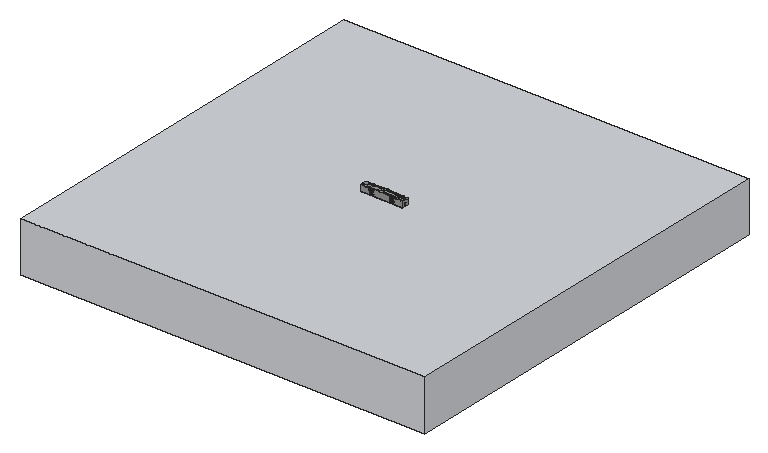
Revit family "Hekatron_Feststellanlagen_RSZ Kompakt Set ws_DE_22.01", category Brandmelder, Revit 2018
Family settings
  Basisbauteil = Fläche
  Beschriftungsausrichtung beibehalten = Ja
  Bemaßung runder Anschluss = Durchmesser verwenden
  Teiletyp = Normal
  OmniClass-Nummer = 23.85.30.21
  OmniClass-Titel = Environmental Detection/Registration
  Beim Laden mit Abzugskörper schneiden = Nein
  Gemeinsam genutzt = Nein
  Raumberechnungspunkt = Nein
Parameters (values of type "RSZ Compact Set ws")
  Zulässige Umgebungstemperatur = "-20 °C bis +45 °C"
  Zulässige Luftgeschwindigkeit = ""
  Zulassungen nach EN 54 = ""
  Width [instance] = 36 mm
  Version des BIM Objektes = "22.01"
  VdS-Anerkennung = ""
  URL = "https://www.hekatron-brandschutz.de"
  UB A&S Artikel Nummer = "31-5300001-01-01"
  Typenkommentare = "Rauchschalter-Zentrale Kompakt Set weiß"
  Tiefe (mm) = "36.0"
  Stromaufnahme = ""
  Schutzart = "IP 40"
  Rauchteil einstellbar = ""
  Nettogewicht (g) = ""
  Montageart = "Wand- oder Sturzmontage"
  Modell = "RSZ Kompakt Set ws"
  Material = "PC"
  Link zum Datenblatt = "https://www.hekatron-planungstools.de/doku/_14108382.pdf"
  Link zu ausschreiben.de = "http://www.ausschreiben.de/katalog/Hekatron/position/56"
  Link zu Produktinformation = "https://www.hekatron-planungstools.de/Produktinfo/RSZ_Kompakt_Set_ws.PDF"
  Link zu Ausschreibungstext = "https://www.meinhplus.de/login"
  Leistungserklärung (DoP) = ""
  Lautstärke DIN-Ton (dB) = ""
  Kabeleinführung = "hinten, seitlich"
  Höhe (mm) = "46.0"
  Hersteller = "Hekatron"
  Heigth [instance] = 250 mm
  Funktionsprinzip = ""
  Farbe = "weiß, ähnlich RAL 9016"
  Ex-Zonen = ""
  Einstellung Temperaturklasse nach EN 54-5 = ""
  Einstellung Temperaturindex nach EN 54-5 = ""
  Einstellung Rauchempfindlichkeit nach EN 54-20 = ""
  Einstellen Rauchempfindlichkeit nach EN 54-7 = ""
  EG-Konformitätszertifikat / Zertifikat der Leistungsbeständigkeit = ""
  Durchmesser (mm) = ""
  Depth [instance] = 49.488 mm
  Vorgabe-Ansicht = 1200 mm
  Breite (mm) = "250.0"
  Betriebsspannung = "230 V AC"
  Beschreibung = "Die RSZ Kompakt ist eine Rauchschaltzentrale in kompakter Bauform mit integriertem Sturzrauchschalter für den Einsatz an Brand- und Rauchschutztüren. Durch die kompakte Bauform und ihr variables Design ist sie speziell für die Kombination mit Türschließern mit integrierter Feststellung geeignet. Die RSZ Kompakt kann direkt auf dem Türrahmen neben- oder gegenüber dem Türschließer montiert werden. Zum Einsatz kommt sie in Feststellanlagen in den verschiedenen Anwendungen in Industrie- und Verwaltungsgebäuden."
  Bauartgenehmigungen = "Z-6.500-2393"
  Anzahl Ansaugleitungen = ""
  Ansprechtemperatur = ""
  Alarm- & Empfindlichkeitsbereich = ""
Types (2, lengths in mm): name | URL | Typenkommentare | Modell | Beschreibung
  (no name) | "www.hekatron-brandschutz.de" | 0 | "RSZ Compact Set ws" | 0
  RSZ Compact Set ws | "https://www.hekatron-brandschutz.de" | "Rauchschalter-Zentrale Kompakt Set weiß" | "RSZ Kompakt Set ws" | "Die RSZ Kompakt ist eine Rauchschaltzentrale in kompakter Bauform mit integriertem Sturzrauchschalter für den Einsatz an Brand- und Rauchschutztüren. Durch die kompakte Bauform und ihr variables Design ist sie speziell für die Kombination mit Türschließern mit integrierter Feststellung geeignet. Die RSZ Kompakt kann direkt auf dem Türrahmen neben- oder gegenüber dem Türschließer montiert werden. Zum Einsatz kommt sie in Feststellanlagen in den verschiedenen Anwendungen in Industrie- und Verwaltungsgebäuden."
Values of the unnamed type that differ from the named types
  Zulässige Umgebungstemperatur = ""
  Version des BIM Objektes = ""
  UB A&S Artikel Nummer = ""
  Tiefe (mm) = ""
  Schutzart = ""
  Montageart = ""
  Material = ""
  Link zum Datenblatt = ""
  Link zu ausschreiben.de = ""
  Link zu Produktinformation = ""
  Link zu Ausschreibungstext = ""
  Kabeleinführung = ""
  Höhe (mm) = ""
  Farbe = ""
  Breite (mm) = ""
  Betriebsspannung = ""
  Bauartgenehmigungen = ""
Reference planes
  plane 1 "Center (Front/Back)": y = 0
  plane 2: z = 0
  plane 3 "Center (Left/Right)": x = 0
Forms (mm)
  Extrusion 1, solid
    sketch origin (0, 0, 0) x (1, 0, 0) y (0, 1, 0)
      loop
        line (-1219.2, 1219.2) -> (-1219.2, -1219.2) -> (1219.2, -1219.2) -> (1219.2, 1219.2) -> (-1219.2, 1219.2)
    from 0 to -304.8
  Blend 2, solid, material "PC/ABS Plastic, RAL 9016"
    base sketch origin (4.543, 146.851, 0) x (1, 0, 0) y (0, 1, 0)
      loop
        line (-127.243, -131.301) -> (-127.243, -162.401) -> (118.157, -162.401) -> (118.157, -131.301) -> (-127.243, -131.301)
    top sketch origin (4.543, 146.851, 0) x (1, 0, 0) y (0, 1, 0)
      loop
        line (-127.443, -131.101) -> (-127.443, -162.601) -> (118.357, -162.601) -> (118.357, -131.101) -> (-127.443, -131.101)
    from 4.5 to 0
  Sweep 3, solid, material "PC/ABS Plastic, RAL 9016"
    path in 3D
      loop
        line (125, 18, 41.502) -> (124.004, 18, 41.502)
        arc (124.004, 18, 41.502) -> (107.669, 18, 42.07) -> (91.402, 18, 43.65) r 263.563
        arc (91.402, 18, 43.65) -> (0, 18, 49.5) -> (-91.402, 18, 43.65) r 717
        arc (-91.402, 18, 43.65) -> (-107.669, 18, 42.07) -> (-124.004, 18, 41.502) r 263.562
        line (-124.004, 18, 41.502) -> (-125, 18, 41.502)
    profile origin (0, 18, 49.5) x (0, 0, 1) y (0, 1, 0)
      loop
        line (-4.251, 0) -> (-4.251, -36)
        arc (-4.251, -36) -> (-3.047, -35.597) -> (-2.328, -34.552) r 2
        arc (-2.328, -34.552) -> (-0.905, -28.383) -> (-0.14, -22.098) r 60
        arc (-0.14, -22.098) -> (0, -18) -> (-0.14, -13.902) r 60
        arc (-0.14, -13.902) -> (-0.905, -7.617) -> (-2.328, -1.448) r 60
        arc (-2.328, -1.448) -> (-3.047, -0.403) -> (-4.251, 0) r 2
  Extrusion 4, solid, material "PC/ABS Plastic, RAL 9016"
    sketch origin (0, 0, 0) x (1, 0, 0) y (0, 0, 1)
      loop
        line (-125, 37.251) -> (-125, 4.5) -> (125, 4.5) -> (125, 37.251) -> (123.996, 37.251)
        arc (123.996, 37.251) -> (107.394, 37.829) -> (90.86, 39.434) r 267.813
        arc (90.86, 39.434) -> (0, 45.249) -> (-90.86, 39.434) r 712.749
        arc (-90.86, 39.434) -> (-107.394, 37.829) -> (-123.996, 37.251) r 267.813
        line (-123.996, 37.251) -> (-125, 37.251)
    from -18 to 18
  Extrusion 5, void
    sketch origin (0, 0, 0) x (0, 1, 0) y (0, 0, 1)
      loop
        line (7.25, 7.941) -> (7.25, 25.316)
        arc (7.25, 25.316) -> (6.929, 26.244) -> (6.102, 26.774) r 1.5
        arc (6.102, 26.774) -> (0, 27.5) -> (-6.102, 26.774) r 26
        arc (-6.102, 26.774) -> (-6.929, 26.244) -> (-7.25, 25.316) r 1.5
        line (-7.25, 25.316) -> (-7.25, 7.962)
        arc (-7.25, 7.962) -> (-10.042, 7.271) -> (-12.77, 6.359) r 36
        arc (-12.77, 6.359) -> (-13.213, 6.027) -> (-13.412, 5.511) r 1
        line (-13.412, 5.511) -> (-13.5, 4.5) -> (-12.697, 4.5) -> (-12.584, 5.788)
        arc (-12.584, 5.788) -> (-0.016, 8.1) -> (12.554, 5.799) r 35.4
        line (12.554, 5.799) -> (12.695, 4.5) -> (13.5, 4.5) -> (13.39, 5.509)
        arc (13.39, 5.509) -> (13.196, 6.015) -> (12.763, 6.339) r 0.979
        arc (12.763, 6.339) -> (10.038, 7.25) -> (7.25, 7.941) r 35.979
      loop
        arc (5.961, 26.191) -> (0, 26.9) -> (-5.961, 26.191) r 25.4
        arc (-5.961, 26.191) -> (-6.457, 25.872) -> (-6.65, 25.316) r 0.9
        line (-6.65, 25.316) -> (-6.65, 21.362)
        arc (-6.65, 21.362) -> (0, 22.5) -> (6.65, 21.362) r 20
        line (6.65, 21.362) -> (6.65, 25.316)
        arc (6.65, 25.316) -> (6.457, 25.872) -> (5.961, 26.191) r 0.9
      loop
        arc (6.03, 20.939) -> (0, 21.9) -> (-6.03, 20.939) r 19.4
        arc (-6.03, 20.939) -> (-6.479, 20.612) -> (-6.65, 20.084) r 0.9
        line (-6.65, 20.084) -> (-6.65, 8.08)
        arc (-6.65, 8.08) -> (-5.329, 8.303) -> (-4, 8.477) r 36
        line (-4, 8.477) -> (-4, 18.712)
        arc (-4, 18.712) -> (-3.675, 19.645) -> (-2.841, 20.173) r 1.5
        arc (-2.841, 20.173) -> (0, 20.5) -> (2.841, 20.173) r 12.5
        arc (2.841, 20.173) -> (3.675, 19.645) -> (4, 18.712) r 1.5
        line (4, 18.712) -> (4, 8.477)
        arc (4, 8.477) -> (5.329, 8.303) -> (6.65, 8.08) r 36
        line (6.65, 8.08) -> (6.65, 20.084)
        arc (6.65, 20.084) -> (6.479, 20.612) -> (6.03, 20.939) r 0.9
      loop
        line (3.4, 8.539) -> (3.4, 18.712)
        arc (3.4, 18.712) -> (3.205, 19.272) -> (2.705, 19.589) r 0.9
        arc (2.705, 19.589) -> (0, 19.9) -> (-2.705, 19.589) r 11.9
        arc (-2.705, 19.589) -> (-3.205, 19.272) -> (-3.4, 18.712) r 0.9
        line (-3.4, 18.712) -> (-3.4, 8.539)
        arc (-3.4, 8.539) -> (0, 8.7) -> (3.4, 8.539) r 36
    from 123.5 to 125
  Extrusion 6, void
    sketch origin (0, 0, 0) x (0, 1, 0) y (0, 0, -1)
      loop
        arc (7.25, -7.941) -> (10.038, -7.25) -> (12.763, -6.339) r 35.979
        arc (12.763, -6.339) -> (13.196, -6.015) -> (13.39, -5.509) r 0.979
        line (13.39, -5.509) -> (13.5, -4.5) -> (12.695, -4.5) -> (12.554, -5.799)
        arc (12.554, -5.799) -> (-0.016, -8.1) -> (-12.584, -5.788) r 35.4
        line (-12.584, -5.788) -> (-12.697, -4.5) -> (-13.5, -4.5) -> (-13.412, -5.511)
        arc (-13.412, -5.511) -> (-13.213, -6.027) -> (-12.77, -6.359) r 1
        arc (-12.77, -6.359) -> (-10.042, -7.271) -> (-7.25, -7.962) r 36
        line (-7.25, -7.962) -> (-7.25, -25.316)
        arc (-7.25, -25.316) -> (-6.929, -26.244) -> (-6.102, -26.774) r 1.5
        arc (-6.102, -26.774) -> (0, -27.5) -> (6.102, -26.774) r 26
        arc (6.102, -26.774) -> (6.929, -26.244) -> (7.25, -25.316) r 1.5
        line (7.25, -25.316) -> (7.25, -7.941)
      loop
        arc (5.961, -26.191) -> (6.457, -25.872) -> (6.65, -25.316) r 0.9
        line (6.65, -25.316) -> (6.65, -21.362)
        arc (6.65, -21.362) -> (0, -22.5) -> (-6.65, -21.362) r 20
        line (-6.65, -21.362) -> (-6.65, -25.316)
        arc (-6.65, -25.316) -> (-6.457, -25.872) -> (-5.961, -26.191) r 0.9
        arc (-5.961, -26.191) -> (0, -26.9) -> (5.961, -26.191) r 25.4
      loop
        arc (6.03, -20.939) -> (6.479, -20.612) -> (6.65, -20.084) r 0.9
        line (6.65, -20.084) -> (6.65, -8.08)
        arc (6.65, -8.08) -> (5.329, -8.303) -> (4, -8.477) r 36
        line (4, -8.477) -> (4, -18.712)
        arc (4, -18.712) -> (3.675, -19.645) -> (2.841, -20.173) r 1.5
        arc (2.841, -20.173) -> (0, -20.5) -> (-2.841, -20.173) r 12.5
        arc (-2.841, -20.173) -> (-3.675, -19.645) -> (-4, -18.712) r 1.5
        line (-4, -18.712) -> (-4, -8.477)
        arc (-4, -8.477) -> (-5.329, -8.303) -> (-6.65, -8.08) r 36
        line (-6.65, -8.08) -> (-6.65, -20.084)
        arc (-6.65, -20.084) -> (-6.479, -20.612) -> (-6.03, -20.939) r 0.9
        arc (-6.03, -20.939) -> (0, -21.9) -> (6.03, -20.939) r 19.4
      loop
        arc (3.4, -8.539) -> (0, -8.7) -> (-3.4, -8.539) r 36
        line (-3.4, -8.539) -> (-3.4, -18.712)
        arc (-3.4, -18.712) -> (-3.205, -19.272) -> (-2.705, -19.589) r 0.9
        arc (-2.705, -19.589) -> (0, -19.9) -> (2.705, -19.589) r 11.9
        arc (2.705, -19.589) -> (3.205, -19.272) -> (3.4, -18.712) r 0.9
        line (3.4, -18.712) -> (3.4, -8.539)
    from 123.5 to 125
  Extrusion 7, void
    sketch origin (0, 0, 0) x (1, 0, 0) y (0, 1, 0)
      loop
        circle (0, 0) r 4.1
    from 48 to 49.584
  Revolve 8, solid, material "Plastic, Transparent"
    sketch origin (0, 0, 0) x (1, 0, 0) y (0, 0, 1)
      loop
        arc (0, 50.2) -> (-1.942, 50.031) -> (-3.824, 49.528) r 11.214
        line (-3.824, 49.528) -> (-3.824, 48.682) -> (0, 48.682) -> (0, 50.2)
      axis (0, 50.2) -> (0, 48.682)
    angle from 0 to 360
  Extrusion 9, void
    sketch origin (0, 0, 0) x (1, 0, 0) y (0, 0, 1)
      loop
        spline (77.025, 37.251) -> (74.428, 37.437) -> (71.828, 37.59) -> (69.227, 37.709) -> (66.625, 37.794) -> (64.021, 37.845) -> (61.417, 37.862) -> (58.813, 37.845) -> (56.21, 37.795) -> (53.607, 37.71) -> (51.006, 37.592) -> (48.407, 37.439) -> (45.809, 37.253)
        line (45.809, 37.253) -> (46.268, 33.954)
        spline (46.268, 33.954) -> (48.788, 34.132) -> (51.311, 34.278) -> (53.835, 34.391) -> (56.361, 34.472) -> (58.888, 34.521) -> (61.415, 34.537) -> (63.941, 34.521) -> (66.468, 34.472) -> (68.994, 34.39) -> (71.518, 34.277) -> (74.041, 34.13) -> (76.561, 33.952)
        line (76.561, 33.952) -> (77.025, 37.251)
      loop
        spline (76.202, 31.399) -> (73.741, 31.571) -> (71.278, 31.712) -> (68.813, 31.822) -> (66.347, 31.901) -> (63.88, 31.948) -> (61.412, 31.964) -> (58.945, 31.948) -> (56.478, 31.901) -> (54.012, 31.823) -> (51.547, 31.713) -> (49.084, 31.573) -> (46.622, 31.4)
        line (46.622, 31.4) -> (47.081, 28.097)
        spline (47.081, 28.097) -> (49.466, 28.261) -> (51.852, 28.396) -> (54.24, 28.501) -> (56.629, 28.576) -> (59.019, 28.62) -> (61.41, 28.635) -> (63.8, 28.62) -> (66.19, 28.575) -> (68.579, 28.5) -> (70.967, 28.395) -> (73.354, 28.26) -> (75.738, 28.095)
        line (75.738, 28.095) -> (76.202, 31.399)
      loop
        spline (75.38, 25.546) -> (73.054, 25.704) -> (70.727, 25.834) -> (68.399, 25.935) -> (66.069, 26.008) -> (63.738, 26.051) -> (61.408, 26.066) -> (59.077, 26.051) -> (56.746, 26.008) -> (54.417, 25.936) -> (52.088, 25.835) -> (49.761, 25.705) -> (47.435, 25.547)
        line (47.435, 25.547) -> (47.908, 22.14)
        spline (47.908, 22.14) -> (50.155, 22.291) -> (52.403, 22.414) -> (54.652, 22.51) -> (56.902, 22.579) -> (59.153, 22.62) -> (61.405, 22.633) -> (63.656, 22.62) -> (65.907, 22.578) -> (68.157, 22.51) -> (70.407, 22.414) -> (72.655, 22.29) -> (74.901, 22.139)
        line (74.901, 22.139) -> (75.38, 25.546)
    from 15.75 to 18
  Extrusion 10, void
    sketch origin (0, 0, 0) x (1, 0, 0) y (0, 0, 1)
      loop
        spline (77.025, 37.251) -> (74.428, 37.437) -> (71.828, 37.59) -> (69.227, 37.709) -> (66.625, 37.794) -> (64.021, 37.845) -> (61.417, 37.862) -> (58.813, 37.845) -> (56.21, 37.795) -> (53.607, 37.71) -> (51.006, 37.592) -> (48.407, 37.439) -> (45.809, 37.253)
        line (45.809, 37.253) -> (49.01, 14.209)
        arc (49.01, 14.209) -> (49.284, 13.651) -> (49.835, 13.362) r 1
        arc (49.835, 13.362) -> (61.4, 12.4) -> (72.965, 13.362) r 70
        arc (72.965, 13.362) -> (73.545, 13.681) -> (73.798, 14.292) r 1
        line (73.798, 14.292) -> (77.025, 37.251)
    from 17.8 to 18
  Extrusion 11, void
    sketch origin (0, 0, 0) x (-1, 0, 0) y (0, 0, -1)
      loop
        line (77.025, -37.251) -> (76.561, -33.952)
        spline (76.561, -33.952) -> (74.041, -34.13) -> (71.518, -34.277) -> (68.994, -34.39) -> (66.468, -34.472) -> (63.941, -34.521) -> (61.415, -34.537) -> (58.888, -34.521) -> (56.361, -34.472) -> (53.835, -34.391) -> (51.311, -34.278) -> (48.788, -34.132) -> (46.268, -33.954)
        line (46.268, -33.954) -> (45.809, -37.253)
        spline (45.809, -37.253) -> (48.407, -37.439) -> (51.006, -37.592) -> (53.607, -37.71) -> (56.21, -37.795) -> (58.813, -37.845) -> (61.417, -37.862) -> (64.021, -37.845) -> (66.625, -37.794) -> (69.227, -37.709) -> (71.828, -37.59) -> (74.428, -37.437) -> (77.025, -37.251)
      loop
        line (76.202, -31.399) -> (75.738, -28.095)
        spline (75.738, -28.095) -> (73.354, -28.26) -> (70.967, -28.395) -> (68.579, -28.5) -> (66.19, -28.575) -> (63.8, -28.62) -> (61.41, -28.635) -> (59.019, -28.62) -> (56.629, -28.576) -> (54.24, -28.501) -> (51.852, -28.396) -> (49.466, -28.261) -> (47.081, -28.097)
        line (47.081, -28.097) -> (46.622, -31.4)
        spline (46.622, -31.4) -> (49.084, -31.573) -> (51.547, -31.713) -> (54.012, -31.823) -> (56.478, -31.901) -> (58.945, -31.948) -> (61.412, -31.964) -> (63.88, -31.948) -> (66.347, -31.901) -> (68.813, -31.822) -> (71.278, -31.712) -> (73.741, -31.571) -> (76.202, -31.399)
      loop
        line (75.38, -25.546) -> (74.901, -22.139)
        spline (74.901, -22.139) -> (72.655, -22.29) -> (70.407, -22.414) -> (68.157, -22.51) -> (65.907, -22.578) -> (63.656, -22.62) -> (61.405, -22.633) -> (59.153, -22.62) -> (56.902, -22.579) -> (54.652, -22.51) -> (52.403, -22.414) -> (50.155, -22.291) -> (47.908, -22.14)
        line (47.908, -22.14) -> (47.435, -25.547)
        spline (47.435, -25.547) -> (49.761, -25.705) -> (52.088, -25.835) -> (54.417, -25.936) -> (56.746, -26.008) -> (59.077, -26.051) -> (61.408, -26.066) -> (63.738, -26.051) -> (66.069, -26.008) -> (68.399, -25.935) -> (70.727, -25.834) -> (73.054, -25.704) -> (75.38, -25.546)
    from 15.75 to 18
  Extrusion 12, void
    sketch origin (0, 0, 0) x (-1, 0, 0) y (0, 0, -1)
      loop
        line (77.025, -37.251) -> (73.798, -14.292)
        arc (73.798, -14.292) -> (73.545, -13.681) -> (72.965, -13.362) r 1
        arc (72.965, -13.362) -> (61.4, -12.4) -> (49.835, -13.362) r 70
        arc (49.835, -13.362) -> (49.284, -13.651) -> (49.01, -14.209) r 1
        line (49.01, -14.209) -> (45.809, -37.253)
        spline (45.809, -37.253) -> (48.407, -37.439) -> (51.006, -37.592) -> (53.607, -37.71) -> (56.21, -37.795) -> (58.813, -37.845) -> (61.417, -37.862) -> (64.021, -37.845) -> (66.625, -37.794) -> (69.227, -37.709) -> (71.828, -37.59) -> (74.428, -37.437) -> (77.025, -37.251)
    from 17.8 to 18
  Extrusion 13, void
    sketch origin (0, 0, 0) x (1, 0, 0) y (0, 0, -1)
      loop
        line (77.025, -37.251) -> (76.561, -33.952)
        spline (76.561, -33.952) -> (74.041, -34.13) -> (71.518, -34.277) -> (68.994, -34.39) -> (66.468, -34.472) -> (63.941, -34.521) -> (61.415, -34.537) -> (58.888, -34.521) -> (56.361, -34.472) -> (53.835, -34.391) -> (51.311, -34.278) -> (48.788, -34.132) -> (46.268, -33.954)
        line (46.268, -33.954) -> (45.809, -37.253)
        spline (45.809, -37.253) -> (48.407, -37.439) -> (51.006, -37.592) -> (53.607, -37.71) -> (56.21, -37.795) -> (58.813, -37.845) -> (61.417, -37.862) -> (64.021, -37.845) -> (66.625, -37.794) -> (69.227, -37.709) -> (71.828, -37.59) -> (74.428, -37.437) -> (77.025, -37.251)
      loop
        arc (49.835, -13.362) -> (49.284, -13.651) -> (49.01, -14.209) r 1
        line (49.01, -14.209) -> (48.47, -18.097) -> (62.397, -18.097) -> (62.397, -12.407)
        arc (62.397, -12.407) -> (56.094, -12.601) -> (49.835, -13.362) r 70
      loop
        line (76.202, -31.399) -> (75.738, -28.095)
        spline (75.738, -28.095) -> (73.354, -28.26) -> (70.967, -28.395) -> (68.579, -28.5) -> (66.19, -28.575) -> (63.8, -28.62) -> (61.41, -28.635) -> (59.019, -28.62) -> (56.629, -28.576) -> (54.24, -28.501) -> (51.852, -28.396) -> (49.466, -28.261) -> (47.081, -28.097)
        line (47.081, -28.097) -> (46.622, -31.4)
        spline (46.622, -31.4) -> (49.084, -31.573) -> (51.547, -31.713) -> (54.012, -31.823) -> (56.478, -31.901) -> (58.945, -31.948) -> (61.412, -31.964) -> (63.88, -31.948) -> (66.347, -31.901) -> (68.813, -31.822) -> (71.278, -31.712) -> (73.741, -31.571) -> (76.202, -31.399)
      loop
        line (75.38, -25.546) -> (74.901, -22.139)
        spline (74.901, -22.139) -> (72.655, -22.29) -> (70.407, -22.414) -> (68.157, -22.51) -> (65.907, -22.578) -> (63.656, -22.62) -> (61.405, -22.633) -> (59.153, -22.62) -> (56.902, -22.579) -> (54.652, -22.51) -> (52.403, -22.414) -> (50.155, -22.291) -> (47.908, -22.14)
        line (47.908, -22.14) -> (47.435, -25.547)
        spline (47.435, -25.547) -> (49.761, -25.705) -> (52.088, -25.835) -> (54.417, -25.936) -> (56.746, -26.008) -> (59.077, -26.051) -> (61.408, -26.066) -> (63.738, -26.051) -> (66.069, -26.008) -> (68.399, -25.935) -> (70.727, -25.834) -> (73.054, -25.704) -> (75.38, -25.546)
    from 15.75 to 18
  Extrusion 14, void
    sketch origin (0, 0, 0) x (1, 0, 0) y (0, 0, -1)
      loop
        line (77.025, -37.251) -> (73.798, -14.292)
        arc (73.798, -14.292) -> (73.545, -13.681) -> (72.965, -13.362) r 1
        arc (72.965, -13.362) -> (61.4, -12.4) -> (49.835, -13.362) r 70
        arc (49.835, -13.362) -> (49.284, -13.651) -> (49.01, -14.209) r 1
        line (49.01, -14.209) -> (45.809, -37.253)
        spline (45.809, -37.253) -> (48.407, -37.439) -> (51.006, -37.592) -> (53.607, -37.71) -> (56.21, -37.795) -> (58.813, -37.845) -> (61.417, -37.862) -> (64.021, -37.845) -> (66.625, -37.794) -> (69.227, -37.709) -> (71.828, -37.59) -> (74.428, -37.437) -> (77.025, -37.251)
    from 17.8 to 18
  Extrusion 15, void
    sketch origin (0, 0, 0) x (-1, 0, 0) y (0, 0, 1)
      loop
        spline (77.025, 37.251) -> (74.428, 37.437) -> (71.828, 37.59) -> (69.227, 37.709) -> (66.625, 37.794) -> (64.021, 37.845) -> (61.417, 37.862) -> (58.813, 37.845) -> (56.21, 37.795) -> (53.607, 37.71) -> (51.006, 37.592) -> (48.407, 37.439) -> (45.809, 37.253)
        line (45.809, 37.253) -> (46.268, 33.954)
        spline (46.268, 33.954) -> (48.788, 34.132) -> (51.311, 34.278) -> (53.835, 34.391) -> (56.361, 34.472) -> (58.888, 34.521) -> (61.415, 34.537) -> (63.941, 34.521) -> (66.468, 34.472) -> (68.994, 34.39) -> (71.518, 34.277) -> (74.041, 34.13) -> (76.561, 33.952)
        line (76.561, 33.952) -> (77.025, 37.251)
      loop
        arc (49.835, 13.362) -> (56.094, 12.601) -> (62.397, 12.407) r 70
        line (62.397, 12.407) -> (62.397, 18.097) -> (48.47, 18.097) -> (49.01, 14.209)
        arc (49.01, 14.209) -> (49.284, 13.651) -> (49.835, 13.362) r 1
      loop
        spline (76.202, 31.399) -> (73.741, 31.571) -> (71.278, 31.712) -> (68.813, 31.822) -> (66.347, 31.901) -> (63.88, 31.948) -> (61.412, 31.964) -> (58.945, 31.948) -> (56.478, 31.901) -> (54.012, 31.823) -> (51.547, 31.713) -> (49.084, 31.573) -> (46.622, 31.4)
        line (46.622, 31.4) -> (47.081, 28.097)
        spline (47.081, 28.097) -> (49.466, 28.261) -> (51.852, 28.396) -> (54.24, 28.501) -> (56.629, 28.576) -> (59.019, 28.62) -> (61.41, 28.635) -> (63.8, 28.62) -> (66.19, 28.575) -> (68.579, 28.5) -> (70.967, 28.395) -> (73.354, 28.26) -> (75.738, 28.095)
        line (75.738, 28.095) -> (76.202, 31.399)
      loop
        spline (75.38, 25.546) -> (73.054, 25.704) -> (70.727, 25.834) -> (68.399, 25.935) -> (66.069, 26.008) -> (63.738, 26.051) -> (61.408, 26.066) -> (59.077, 26.051) -> (56.746, 26.008) -> (54.417, 25.936) -> (52.088, 25.835) -> (49.761, 25.705) -> (47.435, 25.547)
        line (47.435, 25.547) -> (47.908, 22.14)
        spline (47.908, 22.14) -> (50.155, 22.291) -> (52.403, 22.414) -> (54.652, 22.51) -> (56.902, 22.579) -> (59.153, 22.62) -> (61.405, 22.633) -> (63.656, 22.62) -> (65.907, 22.578) -> (68.157, 22.51) -> (70.407, 22.414) -> (72.655, 22.29) -> (74.901, 22.139)
        line (74.901, 22.139) -> (75.38, 25.546)
    from 15.75 to 18
  Extrusion 16, void
    sketch origin (0, 0, 0) x (-1, 0, 0) y (0, 0, 1)
      loop
        spline (77.025, 37.251) -> (74.428, 37.437) -> (71.828, 37.59) -> (69.227, 37.709) -> (66.625, 37.794) -> (64.021, 37.845) -> (61.417, 37.862) -> (58.813, 37.845) -> (56.21, 37.795) -> (53.607, 37.71) -> (51.006, 37.592) -> (48.407, 37.439) -> (45.809, 37.253)
        line (45.809, 37.253) -> (49.01, 14.209)
        arc (49.01, 14.209) -> (49.284, 13.651) -> (49.835, 13.362) r 1
        arc (49.835, 13.362) -> (61.4, 12.4) -> (72.965, 13.362) r 70
        arc (72.965, 13.362) -> (73.545, 13.681) -> (73.798, 14.292) r 1
        line (73.798, 14.292) -> (77.025, 37.251)
    from 17.8 to 18
  Extrusion 17, void
    sketch origin (0, 0, 0) x (1, 0, 0) y (0, 0, 1)
      loop
        circle (0, 38.5) r 1.728
    from -17.2 to -18
  Revolve 18, solid, material "Plastic, Transparent"
    sketch origin (0, 0, 38.5) x (1, 0, 0) y (0, 1, 0)
      loop
        line (-1.5, 18) -> (-1.5, 17.2) -> (0, 17.2) -> (0, 18.3)
        arc (0, 18.3) -> (-0.765, 18.224) -> (-1.5, 18) r 3.9
      axis (0, 18.3) -> (0, 17.2)
    angle from 0 to 360
  Blend 19, void
    base sketch origin (0, 0, 0) x (1, 0, 0) y (0, 0, 1)
      loop
        circle (-7.1, 24.7) r 2.57
    top sketch origin (0, 0, 0) x (1, 0, 0) y (0, 0, 1)
      loop
        circle (-7.1, 24.7) r 1.665
    from -18 to -13
  Extrusion 20, void
    sketch origin (0, 0, 0) x (1, 0, 0) y (0, 0, 1)
      loop
        line (-118.898, 0) -> (-4.096, 0) -> (-4.829, 0.423) -> (-118.165, 0.423) -> (-118.898, 0)
      loop
        line (118.898, 0) -> (118.165, 0.423) -> (4.829, 0.423) -> (4.096, 0) -> (118.898, 0)
    from -18 to 18
  Extrusion 21, void
    sketch origin (0, 0, 0) x (0, 1, 0) y (0, 0, 1)
      loop
        line (11.759, 0) -> (11.025, 0.423) -> (-11.024, 0.423) -> (-11.757, 0) -> (11.759, 0)
    from -125 to 125
Cuts and joins
  Extrusion 5, Extrusion 7, Extrusion 20, Extrusion 21 cuts Blend 2
  Extrusion 5, Extrusion 6, Extrusion 7, Extrusion 9, Extrusion 10, Extrusion 11, Extrusion 12, Extrusion 13, Extrusion 14, Extrusion 15, Extrusion 16, Extrusion 17, Blend 19 cuts Extrusion 4
  Extrusion 7 cuts Sweep 3
Lines and regions (mm)
  sketch lines
    curve 1: arc (91.402, 18, 43.65) -> (0, 18, 49.5) -> (-91.402, 18, 43.65) r 717
    curve 2: arc (124.004, 18, 41.502) -> (107.669, 18, 42.07) -> (91.402, 18, 43.65) r 263.563
    curve 3: line (124.004, 18, 41.502) -> (125, 18, 41.502)
    curve 4: arc (-91.402, 18, 43.65) -> (-107.669, 18, 42.07) -> (-124.004, 18, 41.502) r 263.562
    curve 5: line (-125, 18, 41.502) -> (-124.004, 18, 41.502)
Dimensions and locks
  "Heigth": cut or joined group of Sweep 3, Extrusion 7 to cut or joined group of Sweep 3, Extrusion 7
  "Width": cut or joined group 1 (Extrusion 4, Extrusion 5, Extrusion 6, Extrusion 7, Extrusion 9, Extrusion 10, Extrusion 11, Extrusion 12, Extrusion 13, Extrusion 14, Extrusion 15, Extrusion 16, Extrusion 17, Blend 19) to cut or joined group 1
  "Depth": cut or joined group of Sweep 3, Extrusion 7 to Extrusion 1
  aligned and locked: plane 2 to Extrusion 1
  aligned and locked: level to Extrusion 1
Automatic sketch dimensions
  Extrusion 1 sketch curve to Extrusion 1 sketch curve = 2438.4 mm  (x2)
  Blend 2 sketch curve to plane 1 "Center (Front/Back)" = 15.55 mm
  Blend 2 sketch curve to plane 3 "Center (Left/Right)" = 122.7 mm
  plane 1 "Center (Front/Back)" to Blend 2 sketch curve = 15.55 mm
  plane 3 "Center (Left/Right)" to Blend 2 sketch curve = 122.7 mm
  plane 1 "Center (Front/Back)" to Blend 2 sketch curve = 15.75 mm
  Blend 2 sketch curve to plane 3 "Center (Left/Right)" = 122.9 mm
  plane 3 "Center (Left/Right)" to Blend 2 sketch curve = 122.9 mm
  Blend 2 sketch curve to plane 1 "Center (Front/Back)" = 15.75 mm
  Sweep 3 sketch curve to Sweep 3 sketch curve = 0 mm  (x7)
  Sweep 3 sketch curve to profile plane = 0 mm
  Sweep 3 sketch curve to profile plane = 18 mm
  profile plane to Sweep 3 sketch curve = 60 mm
  profile plane to Sweep 3 sketch curve = 4.251 mm
  Sweep 3 sketch curve to profile plane = 34 mm
  Sweep 3 sketch curve to Sweep 3 sketch curve = 2 mm  (x2)
  profile plane to Sweep 3 sketch curve = 0.14 mm  (x2)
  plane 3 "Center (Left/Right)" to Extrusion 4 sketch curve = 0 mm
  level to Extrusion 4 sketch curve = 37.251 mm  (x2)
  Extrusion 4 sketch curve to plane 3 "Center (Left/Right)" = 123.996 mm
  Extrusion 4 sketch curve to Extrusion 4 sketch curve = 1.004 mm  (x2)
  Extrusion 4 sketch curve to plane 3 "Center (Left/Right)" = 125 mm
  plane 3 "Center (Left/Right)" to Extrusion 4 sketch curve = 123.996 mm
  plane 3 "Center (Left/Right)" to Extrusion 4 sketch curve = 125 mm
  level to Extrusion 4 sketch curve = 4.5 mm
  Extrusion 4 sketch curve to level = 667.5 mm
  Extrusion 4 sketch curve to Extrusion 4 sketch curve = 267.811 mm
  Extrusion 4 sketch curve to Extrusion 4 sketch curve = 0 mm  (x2)
  Extrusion 5 sketch curve to Extrusion 5 sketch curve = 0 mm  (x51)
  Extrusion 5 sketch curve to plane 1 "Center (Front/Back)" = 0 mm  (x4)
  plane 1 "Center (Front/Back)" to Extrusion 5 sketch curve = 2.5 mm
  plane 1 "Center (Front/Back)" to Extrusion 5 sketch curve = 3.4 mm
  Extrusion 5 sketch curve to Extrusion 5 sketch curve = 0.6 mm  (x4)
  plane 1 "Center (Front/Back)" to Extrusion 5 sketch curve = 5.75 mm
  Extrusion 5 sketch curve to Extrusion 5 sketch curve = 1.75 mm  (x2)
  Extrusion 5 sketch curve to Extrusion 5 sketch curve = 0.9 mm  (x2)
  Extrusion 5 sketch curve to Extrusion 5 sketch curve = 2.65 mm  (x2)
  Extrusion 5 sketch curve to Extrusion 5 sketch curve = 5.165 mm  (x2)
  level to Extrusion 5 sketch curve = 5.788 mm
  Extrusion 5 sketch curve to Extrusion 5 sketch curve = 0.169 mm
  Extrusion 5 sketch curve to Extrusion 5 sketch curve = 0.282 mm
  level to Extrusion 5 sketch curve = 5.511 mm
  Extrusion 5 sketch curve to Extrusion 5 sketch curve = 0.827 mm
  Extrusion 5 sketch curve to Extrusion 5 sketch curve = 0.803 mm
  Extrusion 5 sketch curve to plane 1 "Center (Front/Back)" = 2.5 mm
  Extrusion 5 sketch curve to plane 1 "Center (Front/Back)" = 3.4 mm
  level to Extrusion 5 sketch curve = 5.799 mm
  Extrusion 5 sketch curve to Extrusion 5 sketch curve = 0.139 mm
  Extrusion 5 sketch curve to Extrusion 5 sketch curve = 0.28 mm
  level to Extrusion 5 sketch curve = 5.509 mm
  Extrusion 5 sketch curve to Extrusion 5 sketch curve = 0.836 mm
  level to Extrusion 5 sketch curve = 4.5 mm
  Extrusion 5 sketch curve to Extrusion 5 sketch curve = 0.805 mm
  level to Extrusion 5 sketch curve = 1.5 mm
  Extrusion 5 sketch curve to Extrusion 5 sketch curve = 1 mm
  Extrusion 5 sketch curve to Extrusion 5 sketch curve = 1.011 mm
  Extrusion 5 sketch curve to Extrusion 5 sketch curve = 0.375 mm
  Extrusion 5 sketch curve to Extrusion 5 sketch curve = 0.364 mm
  Extrusion 5 sketch curve to Extrusion 5 sketch curve = 2.142 mm
  Extrusion 5 sketch curve to Extrusion 5 sketch curve = 1.603 mm
  Extrusion 5 sketch curve to Extrusion 5 sketch curve = 5.5 mm
  Extrusion 5 sketch curve to Extrusion 5 sketch curve = 0.118 mm
  Extrusion 5 sketch curve to Extrusion 5 sketch curve = 0.14 mm
  Extrusion 5 sketch curve to Extrusion 5 sketch curve = 0.062 mm
  Extrusion 5 sketch curve to Extrusion 5 sketch curve = 10.173 mm
  Extrusion 5 sketch curve to Extrusion 5 sketch curve = 1.372 mm  (x2)
  Extrusion 5 sketch curve to Extrusion 5 sketch curve = 0.423 mm
  Extrusion 5 sketch curve to Extrusion 5 sketch curve = 3.954 mm  (x2)
  Extrusion 6 sketch curve to Extrusion 6 sketch curve = 0 mm  (x51)
  Extrusion 6 sketch curve to plane 1 "Center (Front/Back)" = 0 mm  (x4)
  plane 1 "Center (Front/Back)" to Extrusion 6 sketch curve = 2.5 mm
  plane 1 "Center (Front/Back)" to Extrusion 6 sketch curve = 3.4 mm
  Extrusion 6 sketch curve to Extrusion 6 sketch curve = 0.6 mm  (x4)
  plane 1 "Center (Front/Back)" to Extrusion 6 sketch curve = 5.75 mm
  Extrusion 6 sketch curve to Extrusion 6 sketch curve = 1.75 mm  (x2)
  Extrusion 6 sketch curve to Extrusion 6 sketch curve = 0.9 mm  (x2)
  Extrusion 6 sketch curve to Extrusion 6 sketch curve = 2.65 mm  (x2)
  Extrusion 6 sketch curve to Extrusion 6 sketch curve = 5.165 mm  (x2)
  level to Extrusion 6 sketch curve = 5.788 mm
  Extrusion 6 sketch curve to Extrusion 6 sketch curve = 0.169 mm
  Extrusion 6 sketch curve to Extrusion 6 sketch curve = 0.282 mm
  level to Extrusion 6 sketch curve = 5.511 mm
  Extrusion 6 sketch curve to Extrusion 6 sketch curve = 0.827 mm
  Extrusion 6 sketch curve to Extrusion 6 sketch curve = 0.803 mm
  Extrusion 6 sketch curve to plane 1 "Center (Front/Back)" = 2.5 mm
  Extrusion 6 sketch curve to plane 1 "Center (Front/Back)" = 3.4 mm
  level to Extrusion 6 sketch curve = 5.799 mm
  Extrusion 6 sketch curve to Extrusion 6 sketch curve = 0.139 mm
  Extrusion 6 sketch curve to Extrusion 6 sketch curve = 0.28 mm
  level to Extrusion 6 sketch curve = 5.509 mm
  Extrusion 6 sketch curve to Extrusion 6 sketch curve = 0.836 mm
  level to Extrusion 6 sketch curve = 4.5 mm
  Extrusion 6 sketch curve to Extrusion 6 sketch curve = 0.805 mm
  Extrusion 6 sketch curve to Extrusion 6 sketch curve = 2.142 mm
  Extrusion 6 sketch curve to Extrusion 6 sketch curve = 2.175 mm
  Extrusion 6 sketch curve to Extrusion 6 sketch curve = 0.038 mm
  Extrusion 6 sketch curve to Extrusion 6 sketch curve = 0.118 mm
  Extrusion 6 sketch curve to Extrusion 6 sketch curve = 0.14 mm
  Extrusion 6 sketch curve to Extrusion 6 sketch curve = 0.062 mm
  Extrusion 6 sketch curve to Extrusion 6 sketch curve = 10.173 mm
  Extrusion 6 sketch curve to Extrusion 6 sketch curve = 1.372 mm  (x2)
  Extrusion 6 sketch curve to Extrusion 6 sketch curve = 1.278 mm
  Extrusion 6 sketch curve to Extrusion 6 sketch curve = 3.954 mm  (x2)
  Extrusion 6 sketch curve to Extrusion 6 sketch curve = 0.375 mm
  Extrusion 6 sketch curve to Extrusion 6 sketch curve = 0.364 mm
  Extrusion 6 sketch curve to Extrusion 6 sketch curve = 0.924 mm
  level to Extrusion 6 sketch curve = 2.5 mm
  Extrusion 6 sketch curve to Extrusion 6 sketch curve = 1 mm
  plane 1 "Center (Front/Back)" to Extrusion 7 sketch curve = 0 mm
  Extrusion 7 sketch curve to plane 3 "Center (Left/Right)" = 0 mm
  Revolve 8 sketch curve to plane 3 "Center (Left/Right)" = 0 mm  (x2)
  Revolve 8 sketch curve to Revolve 8 sketch curve = 3.824 mm
  level to Revolve 8 sketch curve = 38.986 mm
  Revolve 8 sketch curve to Revolve 8 sketch curve = 9.697 mm
  Revolve 8 sketch curve to Revolve 8 sketch curve = 0.845 mm
  Revolve 8 sketch curve to level = 609.6 mm
  Revolve 8 sketch curve to Revolve 8 sketch curve = 2558.858 mm
  plane 3 "Center (Left/Right)" to Extrusion 9 sketch curve = 45.809 mm
  Extrusion 9 sketch curve to Extrusion 9 sketch curve = 0.458 mm
  Extrusion 9 sketch curve to Extrusion 9 sketch curve = 0.355 mm
  Extrusion 9 sketch curve to Extrusion 9 sketch curve = 0.459 mm
  Extrusion 9 sketch curve to Extrusion 9 sketch curve = 0.354 mm
  level to Extrusion 9 sketch curve = 22.14 mm
  Extrusion 9 sketch curve to Extrusion 9 sketch curve = 0.473 mm
  Extrusion 9 sketch curve to Extrusion 9 sketch curve = 26.993 mm
  Extrusion 9 sketch curve to Extrusion 9 sketch curve = 0.479 mm
  Extrusion 9 sketch curve to Extrusion 9 sketch curve = 0.358 mm
  Extrusion 9 sketch curve to Extrusion 9 sketch curve = 0.464 mm  (x2)
  Extrusion 9 sketch curve to Extrusion 9 sketch curve = 0.359 mm
  level to Extrusion 9 sketch curve = 22.139 mm
  Extrusion 9 sketch curve to Extrusion 9 sketch curve = 3.406 mm
  Extrusion 9 sketch curve to Extrusion 9 sketch curve = 3.407 mm
  Extrusion 9 sketch curve to Extrusion 9 sketch curve = 2.55 mm  (x2)
  Extrusion 9 sketch curve to Extrusion 9 sketch curve = 3.303 mm
  Extrusion 9 sketch curve to Extrusion 9 sketch curve = 3.304 mm
  Extrusion 9 sketch curve to Extrusion 9 sketch curve = 2.553 mm  (x2)
  Extrusion 9 sketch curve to Extrusion 9 sketch curve = 3.299 mm
  Extrusion 9 sketch curve to Extrusion 9 sketch curve = 3.3 mm
  plane 3 "Center (Left/Right)" to Extrusion 9 sketch curve = 61.4 mm
  Extrusion 9 sketch curve to Extrusion 9 sketch curve = 0 mm  (x5)
  Extrusion 9 sketch curve to level = 162.04 mm
  Extrusion 9 sketch curve to Extrusion 9 sketch curve = 0.002 mm  (x4)
  Extrusion 9 sketch curve to Extrusion 9 sketch curve = 0.114 mm
  plane 3 "Center (Left/Right)" to Extrusion 10 sketch curve = 45.809 mm
  Extrusion 10 sketch curve to Extrusion 10 sketch curve = 3.2 mm
  Extrusion 10 sketch curve to Extrusion 10 sketch curve = 0.99 mm
  Extrusion 10 sketch curve to Extrusion 10 sketch curve = 15.591 mm
  level to Extrusion 10 sketch curve = 14.348 mm
  Extrusion 10 sketch curve to Extrusion 10 sketch curve = 22.8 mm
  level to Extrusion 10 sketch curve = 14.292 mm
  Extrusion 10 sketch curve to Extrusion 10 sketch curve = 0.998 mm
  Extrusion 10 sketch curve to Extrusion 10 sketch curve = 3.227 mm
  level to Extrusion 10 sketch curve = 14.209 mm
  Extrusion 10 sketch curve to Extrusion 10 sketch curve = 0.139 mm
  Extrusion 10 sketch curve to Extrusion 10 sketch curve = 22.958 mm
  Extrusion 10 sketch curve to Extrusion 10 sketch curve = 23.044 mm
  Extrusion 10 sketch curve to Extrusion 10 sketch curve = 45.147 mm
  Extrusion 10 sketch curve to Extrusion 10 sketch curve = 0 mm
  plane 3 "Center (Left/Right)" to Extrusion 10 sketch curve = 61.4 mm
  Extrusion 10 sketch curve to level = 162.161 mm
  plane 3 "Center (Left/Right)" to Extrusion 11 sketch curve = 45.809 mm
  Extrusion 11 sketch curve to Extrusion 11 sketch curve = 0.458 mm
  Extrusion 11 sketch curve to Extrusion 11 sketch curve = 0.355 mm
  Extrusion 11 sketch curve to Extrusion 11 sketch curve = 0.459 mm
  Extrusion 11 sketch curve to Extrusion 11 sketch curve = 0.354 mm
  Extrusion 11 sketch curve to level = 22.14 mm
  Extrusion 11 sketch curve to Extrusion 11 sketch curve = 0.473 mm
  Extrusion 11 sketch curve to Extrusion 11 sketch curve = 26.993 mm
  Extrusion 11 sketch curve to Extrusion 11 sketch curve = 0.479 mm
  Extrusion 11 sketch curve to Extrusion 11 sketch curve = 0.358 mm
  Extrusion 11 sketch curve to Extrusion 11 sketch curve = 0.464 mm  (x2)
  Extrusion 11 sketch curve to Extrusion 11 sketch curve = 0.359 mm
  Extrusion 11 sketch curve to level = 22.139 mm
  Extrusion 11 sketch curve to Extrusion 11 sketch curve = 3.406 mm
  Extrusion 11 sketch curve to Extrusion 11 sketch curve = 3.407 mm
  Extrusion 11 sketch curve to Extrusion 11 sketch curve = 2.55 mm  (x2)
  Extrusion 11 sketch curve to Extrusion 11 sketch curve = 3.303 mm
  Extrusion 11 sketch curve to Extrusion 11 sketch curve = 3.304 mm
  Extrusion 11 sketch curve to Extrusion 11 sketch curve = 2.553 mm  (x2)
  Extrusion 11 sketch curve to Extrusion 11 sketch curve = 3.299 mm
  Extrusion 11 sketch curve to Extrusion 11 sketch curve = 3.3 mm
  plane 3 "Center (Left/Right)" to Extrusion 11 sketch curve = 61.4 mm
  Extrusion 11 sketch curve to Extrusion 11 sketch curve = 0 mm  (x5)
  level to Extrusion 11 sketch curve = 162.04 mm
  Extrusion 11 sketch curve to Extrusion 11 sketch curve = 0.002 mm  (x4)
  Extrusion 11 sketch curve to Extrusion 11 sketch curve = 0.114 mm
  plane 3 "Center (Left/Right)" to Extrusion 12 sketch curve = 45.809 mm
  Extrusion 12 sketch curve to Extrusion 12 sketch curve = 3.2 mm
  Extrusion 12 sketch curve to Extrusion 12 sketch curve = 0.99 mm
  Extrusion 12 sketch curve to Extrusion 12 sketch curve = 15.591 mm
  Extrusion 12 sketch curve to level = 14.348 mm
  Extrusion 12 sketch curve to Extrusion 12 sketch curve = 22.8 mm
  Extrusion 12 sketch curve to level = 14.292 mm
  Extrusion 12 sketch curve to Extrusion 12 sketch curve = 0.998 mm
  Extrusion 12 sketch curve to Extrusion 12 sketch curve = 3.227 mm
  Extrusion 12 sketch curve to level = 14.209 mm
  Extrusion 12 sketch curve to Extrusion 12 sketch curve = 0.139 mm
  Extrusion 12 sketch curve to Extrusion 12 sketch curve = 22.958 mm
  Extrusion 12 sketch curve to Extrusion 12 sketch curve = 23.044 mm
  Extrusion 12 sketch curve to Extrusion 12 sketch curve = 45.147 mm
  Extrusion 12 sketch curve to Extrusion 12 sketch curve = 0 mm
  plane 3 "Center (Left/Right)" to Extrusion 12 sketch curve = 61.4 mm
  level to Extrusion 12 sketch curve = 162.161 mm
  plane 3 "Center (Left/Right)" to Extrusion 13 sketch curve = 45.809 mm
  Extrusion 13 sketch curve to Extrusion 13 sketch curve = 0.458 mm
  Extrusion 13 sketch curve to Extrusion 13 sketch curve = 0.355 mm
  Extrusion 13 sketch curve to Extrusion 13 sketch curve = 0.459 mm
  Extrusion 13 sketch curve to Extrusion 13 sketch curve = 0.354 mm
  level to Extrusion 13 sketch curve = 22.14 mm
  Extrusion 13 sketch curve to Extrusion 13 sketch curve = 0.473 mm
  level to Extrusion 13 sketch curve = 18.097 mm
  Extrusion 13 sketch curve to Extrusion 13 sketch curve = 0.562 mm
  level to Extrusion 13 sketch curve = 14.209 mm
  Extrusion 13 sketch curve to Extrusion 13 sketch curve = 0.54 mm
  Extrusion 13 sketch curve to Extrusion 13 sketch curve = 0.99 mm
  Extrusion 13 sketch curve to Extrusion 13 sketch curve = 15.591 mm
  Extrusion 13 sketch curve to Extrusion 13 sketch curve = 12.396 mm
  Extrusion 13 sketch curve to Extrusion 13 sketch curve = 12.505 mm
  Extrusion 13 sketch curve to Extrusion 13 sketch curve = 0.479 mm
  Extrusion 13 sketch curve to Extrusion 13 sketch curve = 0.358 mm
  Extrusion 13 sketch curve to Extrusion 13 sketch curve = 0.464 mm  (x2)
  Extrusion 13 sketch curve to Extrusion 13 sketch curve = 0.359 mm
  Extrusion 13 sketch curve to Extrusion 13 sketch curve = 7.449 mm
  Extrusion 13 sketch curve to Extrusion 13 sketch curve = 3.407 mm
  Extrusion 13 sketch curve to Extrusion 13 sketch curve = 2.55 mm  (x2)
  Extrusion 13 sketch curve to Extrusion 13 sketch curve = 3.303 mm
  Extrusion 13 sketch curve to Extrusion 13 sketch curve = 3.304 mm
  Extrusion 13 sketch curve to Extrusion 13 sketch curve = 2.553 mm  (x2)
  Extrusion 13 sketch curve to Extrusion 13 sketch curve = 3.299 mm
  Extrusion 13 sketch curve to Extrusion 13 sketch curve = 3.3 mm
  Extrusion 13 sketch curve to Extrusion 13 sketch curve = 45.147 mm
  Extrusion 13 sketch curve to Extrusion 13 sketch curve = 3.406 mm
  Extrusion 13 sketch curve to Extrusion 13 sketch curve = 0.139 mm
  Extrusion 13 sketch curve to Extrusion 13 sketch curve = 5.689 mm
  plane 3 "Center (Left/Right)" to Extrusion 13 sketch curve = 61.4 mm
  Extrusion 13 sketch curve to Extrusion 13 sketch curve = 0 mm  (x5)
  Extrusion 13 sketch curve to level = 162.04 mm
  Extrusion 13 sketch curve to Extrusion 13 sketch curve = 0.002 mm  (x4)
  Extrusion 13 sketch curve to Extrusion 13 sketch curve = 0.114 mm
  plane 3 "Center (Left/Right)" to Extrusion 14 sketch curve = 45.809 mm
  Extrusion 14 sketch curve to Extrusion 14 sketch curve = 3.2 mm
  Extrusion 14 sketch curve to Extrusion 14 sketch curve = 0.99 mm
  Extrusion 14 sketch curve to Extrusion 14 sketch curve = 15.591 mm
  level to Extrusion 14 sketch curve = 14.348 mm  (x2)
  Extrusion 14 sketch curve to Extrusion 14 sketch curve = 22.8 mm
  level to Extrusion 14 sketch curve = 14.292 mm
  Extrusion 14 sketch curve to Extrusion 14 sketch curve = 0.998 mm
  Extrusion 14 sketch curve to Extrusion 14 sketch curve = 3.227 mm
  Extrusion 14 sketch curve to Extrusion 14 sketch curve = 22.958 mm
  Extrusion 14 sketch curve to Extrusion 14 sketch curve = 22.905 mm
  Extrusion 14 sketch curve to Extrusion 14 sketch curve = 45.147 mm
  Extrusion 14 sketch curve to Extrusion 14 sketch curve = 0.139 mm
  Extrusion 14 sketch curve to Extrusion 14 sketch curve = 0 mm
  plane 3 "Center (Left/Right)" to Extrusion 14 sketch curve = 61.4 mm
  Extrusion 14 sketch curve to level = 162.161 mm
  Extrusion 15 sketch curve to plane 3 "Center (Left/Right)" = 45.809 mm
  Extrusion 15 sketch curve to Extrusion 15 sketch curve = 0.458 mm
  Extrusion 15 sketch curve to Extrusion 15 sketch curve = 0.355 mm
  Extrusion 15 sketch curve to Extrusion 15 sketch curve = 0.459 mm
  Extrusion 15 sketch curve to Extrusion 15 sketch curve = 0.354 mm
  level to Extrusion 15 sketch curve = 22.14 mm
  Extrusion 15 sketch curve to Extrusion 15 sketch curve = 0.473 mm
  level to Extrusion 15 sketch curve = 18.097 mm
  Extrusion 15 sketch curve to Extrusion 15 sketch curve = 0.562 mm
  level to Extrusion 15 sketch curve = 14.209 mm
  Extrusion 15 sketch curve to Extrusion 15 sketch curve = 0.54 mm
  Extrusion 15 sketch curve to Extrusion 15 sketch curve = 0.99 mm
  Extrusion 15 sketch curve to Extrusion 15 sketch curve = 15.591 mm
  Extrusion 15 sketch curve to Extrusion 15 sketch curve = 12.396 mm
  Extrusion 15 sketch curve to Extrusion 15 sketch curve = 12.505 mm
  Extrusion 15 sketch curve to Extrusion 15 sketch curve = 0.479 mm
  Extrusion 15 sketch curve to Extrusion 15 sketch curve = 0.358 mm
  Extrusion 15 sketch curve to Extrusion 15 sketch curve = 0.464 mm  (x2)
  Extrusion 15 sketch curve to Extrusion 15 sketch curve = 0.359 mm
  Extrusion 15 sketch curve to Extrusion 15 sketch curve = 5.689 mm
  Extrusion 15 sketch curve to Extrusion 15 sketch curve = 0.139 mm
  Extrusion 15 sketch curve to Extrusion 15 sketch curve = 4.043 mm
  Extrusion 15 sketch curve to Extrusion 15 sketch curve = 3.406 mm
  Extrusion 15 sketch curve to Extrusion 15 sketch curve = 3.407 mm
  Extrusion 15 sketch curve to Extrusion 15 sketch curve = 2.55 mm  (x2)
  Extrusion 15 sketch curve to Extrusion 15 sketch curve = 3.303 mm
  Extrusion 15 sketch curve to Extrusion 15 sketch curve = 3.304 mm
  Extrusion 15 sketch curve to Extrusion 15 sketch curve = 2.553 mm  (x2)
  Extrusion 15 sketch curve to Extrusion 15 sketch curve = 3.299 mm
  Extrusion 15 sketch curve to Extrusion 15 sketch curve = 3.3 mm
  Extrusion 15 sketch curve to Extrusion 15 sketch curve = 45.147 mm
  Extrusion 15 sketch curve to plane 3 "Center (Left/Right)" = 61.4 mm
  Extrusion 15 sketch curve to Extrusion 15 sketch curve = 0 mm  (x5)
  Extrusion 15 sketch curve to level = 162.04 mm
  Extrusion 15 sketch curve to Extrusion 15 sketch curve = 0.002 mm  (x4)
  Extrusion 15 sketch curve to Extrusion 15 sketch curve = 0.114 mm
  Extrusion 16 sketch curve to plane 3 "Center (Left/Right)" = 45.809 mm
  Extrusion 16 sketch curve to Extrusion 16 sketch curve = 3.2 mm
  Extrusion 16 sketch curve to Extrusion 16 sketch curve = 0.99 mm
  Extrusion 16 sketch curve to Extrusion 16 sketch curve = 15.591 mm
  level to Extrusion 16 sketch curve = 14.348 mm
  Extrusion 16 sketch curve to Extrusion 16 sketch curve = 22.8 mm
  level to Extrusion 16 sketch curve = 14.292 mm
  Extrusion 16 sketch curve to Extrusion 16 sketch curve = 0.998 mm
  Extrusion 16 sketch curve to Extrusion 16 sketch curve = 3.227 mm
  level to Extrusion 16 sketch curve = 14.209 mm
  Extrusion 16 sketch curve to Extrusion 16 sketch curve = 0.139 mm
  Extrusion 16 sketch curve to Extrusion 16 sketch curve = 22.958 mm
  Extrusion 16 sketch curve to Extrusion 16 sketch curve = 23.044 mm
  Extrusion 16 sketch curve to Extrusion 16 sketch curve = 45.147 mm
  Extrusion 16 sketch curve to Extrusion 16 sketch curve = 0 mm
  Extrusion 16 sketch curve to plane 3 "Center (Left/Right)" = 61.4 mm
  Extrusion 16 sketch curve to level = 162.161 mm
  Extrusion 17 sketch curve to Extrusion 17 sketch curve = 0 mm  (x2)
  Extrusion 17 sketch curve to plane 3 "Center (Left/Right)" = 0 mm
  level to Extrusion 17 sketch curve = 38.5 mm
  Extrusion 17 sketch curve to Extrusion 17 sketch curve = 1.728 mm
  Revolve 18 sketch curve to plane 3 "Center (Left/Right)" = 0 mm  (x2)
  Revolve 18 sketch curve to Revolve 18 sketch curve = 1.5 mm
  Revolve 18 sketch curve to plane 1 "Center (Front/Back)" = 14.4 mm
  Revolve 18 sketch curve to Revolve 18 sketch curve = 2.8 mm
  Revolve 18 sketch curve to Revolve 18 sketch curve = 0.8 mm
  plane 1 "Center (Front/Back)" to Revolve 18 sketch curve = 1524 mm
  Revolve 18 sketch curve to Revolve 18 sketch curve = 1505.7 mm
  Blend 19 sketch curve to plane 3 "Center (Left/Right)" = 7.1 mm  (x2)
  level to Blend 19 sketch curve = 24.7 mm  (x2)
  Extrusion 20 sketch curve to level = 0 mm  (x2)
  Extrusion 20 sketch curve to plane 3 "Center (Left/Right)" = 118.898 mm
  level to Extrusion 20 sketch curve = 0.423 mm  (x2)
  Extrusion 20 sketch curve to Extrusion 20 sketch curve = 0.733 mm  (x4)
  Extrusion 20 sketch curve to plane 3 "Center (Left/Right)" = 4.829 mm
  plane 3 "Center (Left/Right)" to Extrusion 20 sketch curve = 4.096 mm
  Extrusion 20 sketch curve to Extrusion 20 sketch curve = 113.336 mm
  Extrusion 21 sketch curve to level = 0 mm
  plane 1 "Center (Front/Back)" to Extrusion 21 sketch curve = 11.757 mm
  Extrusion 21 sketch curve to Extrusion 21 sketch curve = 0.733 mm  (x2)
  level to Extrusion 21 sketch curve = 0.423 mm
  Extrusion 21 sketch curve to plane 1 "Center (Front/Back)" = 11.025 mm
  radius of Extrusion 7 sketch curve = 4.1 mm
  radius of Blend 19 sketch curve = 2.57 mm
  radius of Blend 19 sketch curve = 1.665 mm
Connectors
  electrical at (0, 0, 0)
    settings: index 1, voltage 0 V, apparent load 0 VA, apparent load phase1 0 VA, apparent load phase2 0 VA, apparent load phase3 0 VA, power factor 1, load classification "Other", number of poles 1, system type 11, power factor state 1, is connector primary yes, connector utility no, sub classification motor no, connector description ""
